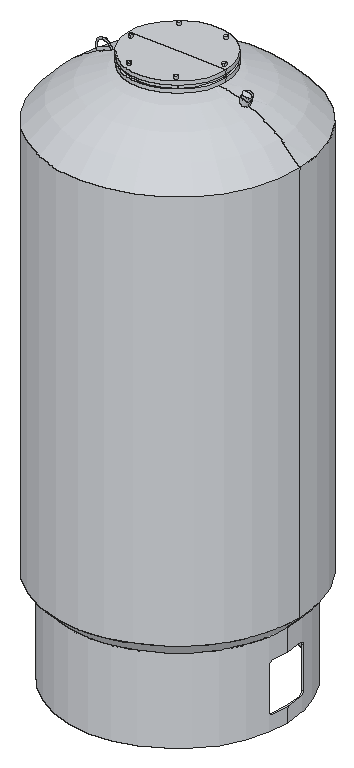
Revit family "FXA-5000", category Mechanical Equipment, Revit 2014
Parameters (values of type "FXA-5000")
  VoidLength = 7 1/2"
  URL = "http://westank.com/"
  TankVolume = "1320 Gallons"
  SystemConnectionAngle = 50.00°
  PartNumber = "21015000"
  OuterRadius = 15"
  Model = "FXA-5000"
  MaximumOperatingTemperature = "240°F"
  MaximumOperatingPressure = "125 PSIG"
  Manufacturer = "Wessels Company"
  InnerRadius = 14.766"
  InnerCircleDiameter = E - 3" / 4  # 53 1/4"
  HandleAngle = 120.00°
  G = 8 1/4"
  E = 54"
  F = 10"
  DrainAngle = 63.00°
  C = 4"
  BottomOfTheCylinder = 6.11811"
  B = 138.00098"
  ApproximateShipmentWeight = "3246 lbs"
  Angle = 35.00°
  A = 60"
Reference planes (in)
  plane 1 "Center (Front/Back)": y = 0
  plane 2: z = 0
  plane 3 "Center (Left/Right)": x = 0
  plane 4: x = -30
  plane 5: y = 1.9685
  plane 6: y = -1.9685
  plane 7: z = 138.00098
  plane 8: x = 30
  plane 9: y = 0.15626
  plane 10: y = -0.15626
  plane 11: x = 18
  plane 12: x = -27
  plane 13: x = 27
  plane 14: y = 0
  plane 15: y = 8.22887
  plane 16: y = -8.22887
  plane 17: through (0.00466, -180, 75.19677) normal (-0.9999, 0, -0.0139)
  plane 18: z = 129.36862
  plane 19: through (5.2036, -180, 8.83933) normal (-0.1726, 0, 0.985)
  plane 20: through (4.73728, -180, 11.50012) normal (-0.1726, 0, 0.985)
  plane 21: x = 10
  plane 22: x = 8
  plane 23: x = 12
  plane 24: z = 8.25
  plane 25: z = 134.43577
  plane 26: z = 120.40586
  plane 27: z = 119.90236
  plane 28: z = 120.90236
  plane 29: z = 73.2316
  plane 30: z = 75.12377
  plane 31: z = 71.33943
Forms (in)
  Revolve 1, solid
    sketch origin (0, 0, -5.12438) x (1, 0, 0) y (0, 0, 1)
      loop
        arc (0, 139.05633) -> (-16.47929, 137.15817) -> (-30, 127.54774) r 33.31241
        line (-30, 127.54774) -> (-30, 29.18424)
        arc (-30, 29.18424) -> (-16.48106, 19.56799) -> (0, 17.66831) r 33.29887
        line (0, 17.66831) -> (0, 139.05633)
      axis (0, 17.66831) -> (0, 139.05633)
    angle from 0 to 360
  Extrusion 2, solid
    sketch origin (0, 0, 0) x (1, 0, 0) y (0, 1, 0)
      loop
        circle (0, 0) r 27
      loop
        circle (0, 0) r 26.625
    from 24.05986 to 0
  Revolve 3, solid
    sketch origin (11.27228, 0, 75.13741) x (0.34202, 0, 0.939693) y (-0.939693, 0, 0.34202)
      loop
        line (55.06804, 14.53543) -> (55.06804, 13.44703) -> (56.57444, 13.44703) -> (56.57444, 13.48) -> (57.38258, 13.48)
        arc (57.38258, 13.48) -> (57.72782, 13.95138) -> (57.74473, 14.53543) r 0.9835
        line (57.74473, 14.53543) -> (55.06804, 14.53543)
      axis (55.06804, 14.53543) -> (57.74473, 14.53543)
    angle from 0 to 360
  Sweep 4, solid
    path origin (-2.63013, 0, 74.20802) x (-0.364756, 0, 0.931103) y (-0.931103, 0, -0.364756)
      loop
        arc (59.59335, -5.05222) -> (61.34335, -6.80222) -> (59.59335, -8.55222) r 1.75
    profile origin (-18.6719, 0, 133.80616) x (-0.364756, 0, 0.931103) y (0, -1, 0)
      loop
        circle (0, 0) r 0.15625
  Extrusion 5, solid
    sketch origin (-0.85194, 0, 69.66889) x (-0.364756, 0, 0.931103) y (-0.931103, 0, -0.364756)
      loop
        line (64.46835, -4.89662) -> (63.49138, -4.89662) -> (63.49138, -8.71172) -> (64.46835, -8.71172) -> (64.46835, -4.89662)
    from 0.15626 to -0.15626
  Sweep 6, solid
    path origin (-12.625, 0, 54.83927) x (-1, 0, 0) y (0, 0, -1)
      loop
        arc (18.10198, -16.625) -> (19.85198, -18.375) -> (18.10198, -20.125) r 1.75
    profile origin (-32.47698, 0, 73.21427) x (-1, 0, 0) y (0, -1, 0)
      loop
        circle (0, 0) r 0.15625
  Extrusion 7, solid
    sketch origin (-7.75, 0, 54.83927) x (-1, 0, 0) y (0, 0, -1)
      loop
        line (22.97698, -16.50015) -> (22, -16.50015) -> (22, -20.2845) -> (22.97698, -20.2845) -> (22.97698, -16.50015)
    from 0.15626 to -0.15626
  Revolve 8, solid
    sketch origin (0.22045, 0, 73.50107) x (0, 0, 1) y (-1, 0, 0)
      loop
        line (64.03457, 0.22045) -> (59.63817, 0.22045) -> (59.63817, -6.99341)
        arc (59.63817, -6.99341) -> (60.4866, -6.62937) -> (61.40957, -6.60731) r 2.43519
        line (61.40957, -6.60731) -> (61.40957, -11.67222) -> (62.28457, -11.67222) -> (62.28457, -11.05594) -> (63.15957, -11.05594) -> (63.15957, -11.67222) -> (64.03457, -11.67222) -> (64.03457, 0.22045)
      axis (64.03457, 0.22045) -> (59.63817, 0.22045)
    angle from 0 to 360
  Extrusion 9, solid
    sketch origin (0, 0, 29.6875) x (0, 1, 0) y (0, 0, 1)
      loop
        circle (0, 90.71737) r 0.5
    from -29.59938 to -31.48875
  Revolve 10, solid
    sketch origin (2.81354, 0, 22.27473) x (0.172627, 0, -0.984987) y (0.984987, 0, 0.172627)
      loop
        line (13.18144, 5.26166) -> (9.44128, 5.26166) -> (9.44128, 2.12786)
        arc (9.44128, 2.12786) -> (10.42553, 2.35329) -> (11.40978, 2.12786) r 2.26145
        line (11.40978, 2.12786) -> (11.40978, -0.47276) -> (12.00033, -0.47276) -> (12.00033, 0.14353) -> (12.59089, 0.14353) -> (12.59089, -0.47276) -> (13.18144, -0.47276) -> (13.18144, 5.26166)
      axis (9.44128, 5.26166) -> (13.18144, 5.26166)
    angle from 0 to 360
  Extrusion 11, solid
    sketch origin (9.76687, -2.56268, 10.23894) x (-0.984979, 0, -0.172675) y (-0.000004, 1, 0.000023)
      loop
        circle (-3.74768, 6.40672) r 0.3937
    from 0.59055 to -2.11745
  Extrusion 12, solid
    sketch origin (11.6639, -2.64003, 10.57118) x (-0.747584, -0.651106, -0.131069) y (-0.641335, 0.758987, -0.112375)
      loop
        circle (-3.74768, 6.40672) r 0.3937
    from 0.59055 to -2.11248
  Extrusion 13, solid
    sketch origin (13.15336, -1.44481, 10.83203) x (-0.149831, -0.988362, -0.026308) y (-0.973528, 0.152123, -0.170595)
      loop
        circle (-3.74768, 6.40672) r 0.3937
    from 0.59055 to -2.10562
  Extrusion 14, solid
    sketch origin (13.51803, 0.44684, 10.89537) x (0.520149, -0.849202, 0.091112) y (-0.836457, -0.528068, -0.146572)
      loop
        circle (-3.74768, 6.40672) r 0.3937
    from 0.59055 to -2.11832
  Extrusion 15, solid
    sketch origin (12.58095, 2.1231, 10.73114) x (0.939407, -0.300705, 0.16459) y (-0.296195, -0.953717, -0.051887)
      loop
        circle (-3.74768, 6.40672) r 0.3937
    from 0.59055 to -2.10775
  Extrusion 16, solid
    sketch origin (10.79468, 2.77597, 10.41801) x (0.905852, 0.392739, 0.158709) y (0.386839, -0.91965, 0.067821)
      loop
        circle (-3.74768, 6.40672) r 0.3937
    from 0.59055 to -2.10608
  Extrusion 17, solid
    sketch origin (9.02019, 2.09076, 10.10699) x (0.435656, 0.896873, 0.076304) y (0.883404, -0.442288, 0.154848)
      loop
        circle (-3.74768, 6.40672) r 0.3937
    from 0.59055 to -2.11652
  Extrusion 18, solid
    sketch origin (8.11183, 0.39774, 9.94923) x (-0.244533, 0.968691, -0.042905) y (0.954145, 0.248268, 0.167246)
      loop
        circle (-3.74768, 6.40672) r 0.3937
    from 0.59055 to -2.10776
  Extrusion 19, solid
    sketch origin (8.50909, -1.48699, 10.0187) x (-0.806847, 0.573576, -0.141456) y (0.564961, 0.819153, 0.099038)
      loop
        circle (-3.74768, 6.40672) r 0.3937
    from 0.59055 to -2.10712
  Extrusion 20, solid
    sketch origin (7.35796, 0, -9.14698) x (0, 1, 0) y (1, 0, 0)
      loop
        circle (0, 2.64204) r 2
    from -20.64698 to -17.39698
  Extrusion 21, void
    sketch origin (0, -0.25, 1.5) x (0, 1, 0) y (0, 0, 1)
      loop
        arc (-4.15626, 14) -> (-4.63889, 13.73263) -> (-4.90626, 13.25) r 1
        line (-4.90626, 13.25) -> (-4.90626, 2.91491)
        arc (-4.90626, 2.91491) -> (-4.66396, 2.27523) -> (-4.06716, 1.94094) r 1
        line (-4.06716, 1.94094) -> (4.81753, 1.94094)
        arc (4.81753, 1.94094) -> (5.52464, 2.23384) -> (5.81753, 2.94094) r 1
        line (5.81753, 2.94094) -> (5.81753, 13)
        arc (5.81753, 13) -> (5.52464, 13.70711) -> (4.81753, 14) r 1
        line (4.81753, 14) -> (-4.15626, 14)
    from 28.68797 to 20.82767
  Extrusion 22, solid
    sketch origin (0.71396, -8.11215, 136.79659) x (-0.97815, -0.207903, -0.000018) y (0.207903, -0.97815, 0.000011)
      loop
        circle (5.04849, 0.53402) r 0.3937
    from 1.203 to -2.3622
  Extrusion 23, solid
    sketch origin (-6.66806, -4.67389, 136.7967) x (-0.669125, 0.74315, -0.000019) y (-0.74315, -0.669125, 0.000015)
      loop
        circle (5.04849, 0.53402) r 0.3937
    from 1.203 to -2.3622
  Extrusion 24, solid
    sketch origin (-7.38546, 3.42052, 136.79546) x (0.309024, 0.951054, 0.000121) y (-0.951054, 0.309024, -0.000007)
      loop
        circle (5.04849, 0.53402) r 0.3937
    from 1.203 to -2.3622
  Extrusion 25, solid
    sketch origin (-0.66509, 8.11215, 136.78352) x (0.978149, 0.207906, 0.000245) y (-0.207906, 0.978149, -0.000045)
      loop
        circle (5.04849, 0.53402) r 0.3937
    from 1.203 to -2.3622
  Extrusion 26, solid
    sketch origin (6.66918, 4.67589, 136.79804) x (0.669127, -0.743148, -0.000014) y (0.743148, 0.669127, -0.000001)
      loop
        circle (5.04849, 0.53402) r 0.3937
    from 1.203 to -2.3622
  Extrusion 27, solid
    sketch origin (7.40319, -3.42493, 136.79521) x (-0.30902, -0.951055, 0.000089) y (0.951055, -0.30902, -0.000015)
      loop
        circle (5.04849, 0.53402) r 0.3937
    from 1.203 to -2.3622
  Extrusion 28, solid
    sketch origin (0.71449, -8.11214, 136.79555) x (-0.978148, -0.207909, -0.000018) y (0.207909, -0.978148, 0.000011)
      loop
        circle (5.04849, 0.53402) r 0.3937
    from 1.203 to -2.3622
Cuts and joins
  Extrusion 21 cuts Extrusion 2
  joined: Revolve 1, Extrusion 2, Revolve 3, Extrusion 5, Revolve 8, Revolve 10, Extrusion 20
Dimensions and locks (in)
  equal spacing: plane 5, plane 1 "Center (Front/Back)", plane 6
  "B": plane 7 to level
  equal spacing: plane 8, plane 3 "Center (Left/Right)", plane 4
  "A": plane 8 to plane 4
  plane 9 to plane 10 = 0.31252"
  equal spacing: plane 13, plane 3 "Center (Left/Right)", plane 12
  "E": plane 13 to plane 12
  locked: Revolve 3 sketch curve to Revolve 3 sketch curve at 0.03297
  equal spacing: plane 15, plane 14, plane 16
  Revolve 8 sketch curve to Revolve 8 sketch curve = 1.77141"
  locked: Extrusion 9 sketch curve to plane 14 at 0
  locked: Revolve 10 sketch curve to Revolve 10 sketch curve at 0.59055  (x3)
  locked: Revolve 10 sketch curve to Revolve 10 sketch curve at 1.9685
  locked: Extrusion 20 sketch curve to plane 1 "Center (Front/Back)" at 0
  equal spacing: plane 22, plane 21, plane 23
  "F": plane 21 to plane 3 "Center (Left/Right)"
  "C": plane 22 to plane 23
  "G": plane 24 to cut or joined group of Revolve 1, Extrusion 2, Revolve 3, Extrusion 5, Revolve 8, Revolve 10, Extrusion 20, Extrusion 21
  Revolve 8 sketch curve to Revolve 8 sketch curve = 7/8"  (x3)
  locked: plane 7 to Revolve 8 sketch curve at 0.46534
  locked: Extrusion 9 sketch curve to plane 26 at 0.00099
  locked: plane 27 to plane 28 at 1
  plane 28 to plane 27 = 1"
  Revolve 1 to plane 26 = 2.0175"
  equal spacing: Extrusion 7 sketch curve, plane 29, Extrusion 7 sketch curve
  "C": diameter of Extrusion 20 sketch curve
  "E": diameter of Extrusion 2 sketch curve
  "InnerCircleDiameter": diameter of Extrusion 2 sketch curve
  aligned and locked: level to plane 2
  aligned and locked: plane 4 to Revolve 1 sketch curve
  aligned and locked: Revolve 3 sketch curve to Revolve 3 sketch curve
  aligned and locked: Extrusion 5 sketch curve to Sweep 4
  aligned and locked: Extrusion 5 to plane 10
  aligned and locked: plane 9 to Extrusion 5
  aligned and locked: Extrusion 7 sketch curve to Sweep 6
  aligned and locked: Revolve 8 sketch curve to Revolve 8 sketch curve
  aligned and locked: Revolve 10 sketch curve to Revolve 10 sketch curve
  aligned and locked: Revolve 8 sketch curve to plane 3 "Center (Left/Right)"
  aligned and locked: cut or joined group of Revolve 1, Extrusion 2, Revolve 3, Extrusion 5, Revolve 8, Revolve 10, Extrusion 20, Extrusion 21 to level
  aligned and locked: Extrusion 20 to plane 24
  aligned and locked: Extrusion 26 to plane 7
  aligned and locked: plane 30 to Extrusion 7
  aligned and locked: plane 31 to Extrusion 7
Automatic sketch dimensions
  Sweep 6 sketch curve to plane 4 = 0.72698"
  Sweep 6 sketch curve to Sweep 6 sketch curve = 1 3/4"
  Sweep 6 sketch curve to profile plane = 0"
  profile plane to Sweep 6 sketch curve = 0"
  plane 4 to Extrusion 7 sketch curve = 1/4"
  Revolve 8 sketch curve to plane 3 "Center (Left/Right)" = 0"
  Revolve 8 sketch curve to Revolve 8 sketch curve = 0.40437"
  Revolve 8 sketch curve to Revolve 8 sketch curve = 2.01528"
  Revolve 8 sketch curve to Revolve 8 sketch curve = 21/32"
  plane 7 to Revolve 8 sketch curve = 0.53466"
  plane 3 "Center (Left/Right)" to Revolve 8 sketch curve = 6.82776"
  Revolve 8 sketch curve to Revolve 8 sketch curve = 2.04725"
  Revolve 8 sketch curve to Revolve 8 sketch curve = 0.61629"
  plane 20 to Revolve 10 sketch curve = 1.50366"
  plane 20 to Revolve 10 sketch curve = 0.51941"
  Revolve 10 sketch curve to Revolve 10 sketch curve = 0.5646"
  Revolve 10 sketch curve to Revolve 10 sketch curve = 0.61629"
  Revolve 10 sketch curve to Revolve 10 sketch curve = 2.03603"
  Revolve 10 sketch curve to Revolve 10 sketch curve = 3.1338"
  Revolve 10 sketch curve to Revolve 10 sketch curve = 19.38704"
  Revolve 10 sketch curve to Revolve 10 sketch curve = 0.1272"
  Revolve 10 sketch curve to Revolve 10 sketch curve = 0"
  plane 16 to Extrusion 21 sketch curve = 3.0726"
  Extrusion 21 sketch curve to Extrusion 21 sketch curve = 3/4"
  Extrusion 21 sketch curve to Extrusion 21 sketch curve = 0.8391"
  Extrusion 21 sketch curve to Extrusion 21 sketch curve = 0.97448"  (x2)
  Extrusion 21 sketch curve to Extrusion 21 sketch curve = 0.99992"
  plane 5 to Extrusion 21 sketch curve = 2.59903"  (x2)
  Extrusion 21 sketch curve to Extrusion 21 sketch curve = 1"
  level to Extrusion 21 sketch curve = 3.44094"
  Extrusion 21 sketch curve to Extrusion 21 sketch curve = 0.97397"
  plane 22 to Revolve 10 sketch curve = 3.37664"
  Extrusion 21 sketch curve to Extrusion 21 sketch curve = 10.05906"
  Revolve 1 sketch curve to plane 3 "Center (Left/Right)" = 0"  (x2)
  Revolve 1 sketch curve to plane 3 "Center (Left/Right)" = 4.54781"  (x2)
  plane 24 to Revolve 1 sketch curve = 15.80986"
  Revolve 1 sketch curve to plane 18 = 6.94426"
  plane 24 to Revolve 1 sketch curve = 4.29393"
  Revolve 1 sketch curve to Revolve 1 sketch curve = 10.15106"
  plane 25 to Sweep 4 sketch curve = 2.25904"
  plane 12 to Sweep 4 sketch curve = 8.96642"
  Sweep 4 sketch curve to Sweep 4 sketch curve = 1 3/4"
  Sweep 4 sketch curve to profile plane = 0"
  profile plane to Sweep 4 sketch curve = 0"
  Extrusion 5 sketch curve to Extrusion 5 sketch curve = 0.97698"
  plane 25 to Extrusion 5 sketch curve = 1.56254"
  Extrusion 5 sketch curve to Extrusion 5 sketch curve = 3.81511"
  Revolve 3 sketch curve to plane 11 = 1.55218"
  plane 25 to Revolve 3 sketch curve = 2.57992"
  Revolve 3 sketch curve to Revolve 3 sketch curve = 1.5064"
  Revolve 3 sketch curve to Revolve 3 sketch curve = 0"
  Revolve 3 sketch curve to Revolve 3 sketch curve = 0.22312"
  Revolve 3 sketch curve to Revolve 3 sketch curve = 0.80814"
  Revolve 3 sketch curve to Revolve 3 sketch curve = 0.94717"
  Revolve 3 sketch curve to Revolve 3 sketch curve = 0.26484"
  Revolve 3 sketch curve to Revolve 3 sketch curve = 5.44847"
  Revolve 3 sketch curve to Revolve 3 sketch curve = 0.07201"
  plane 27 to Revolve 1 sketch curve = 18.97092"
  Revolve 1 sketch curve to Revolve 1 sketch curve = 19.71078"
  plane 24 to Sweep 6 sketch curve = 64.96427"
  Extrusion 7 sketch curve to plane 30 = 0"
  Extrusion 2 sketch curve to Extrusion 2 sketch curve = 0"  (x2)
  plane 1 "Center (Front/Back)" to Extrusion 2 sketch curve = 0"
  Extrusion 2 sketch curve to plane 3 "Center (Left/Right)" = 0"
  Extrusion 20 sketch curve to plane 21 = 0"
  radius of Extrusion 11 sketch curve = 0.3937"
  radius of Extrusion 12 sketch curve = 0.3937"
  radius of Extrusion 13 sketch curve = 0.3937"
  radius of Extrusion 14 sketch curve = 0.3937"
  radius of Extrusion 15 sketch curve = 0.3937"
  radius of Extrusion 16 sketch curve = 0.3937"
  radius of Extrusion 17 sketch curve = 0.3937"
  radius of Extrusion 18 sketch curve = 0.3937"
  radius of Extrusion 19 sketch curve = 0.3937"
  radius of Sweep 6 sketch curve = 5/32"
  radius of Extrusion 9 sketch curve = 1/2"
  radius of Extrusion 22 sketch curve = 0.3937"
  radius of Extrusion 23 sketch curve = 0.3937"
  radius of Extrusion 24 sketch curve = 0.3937"
  radius of Extrusion 25 sketch curve = 0.3937"
  radius of Extrusion 26 sketch curve = 0.3937"
  radius of Extrusion 27 sketch curve = 0.3937"
  radius of Extrusion 28 sketch curve = 0.3937"
  radius of Sweep 4 sketch curve = 5/32"
Connectors (in)
  piping at (10, 0, 8.25), diameter 4, driven by "C"
    settings: on Extrusion 20, index 1, connector inside diameter 24", connector length 0", flow factor 0, pipe flow 0 GPM, pressure drop 0.00 psi, fitting loss kfactor 0, connector angle 0.00°, fixture units 0, engagement length 0", angle of deflection 0.00°, flow configuration 0, flow direction 0, fitting loss method 0, system type 7, joint type 0, gender type 0, connector reference index -1, connector utility 0, adjustable connector no, is connector primary yes, connector description ""
